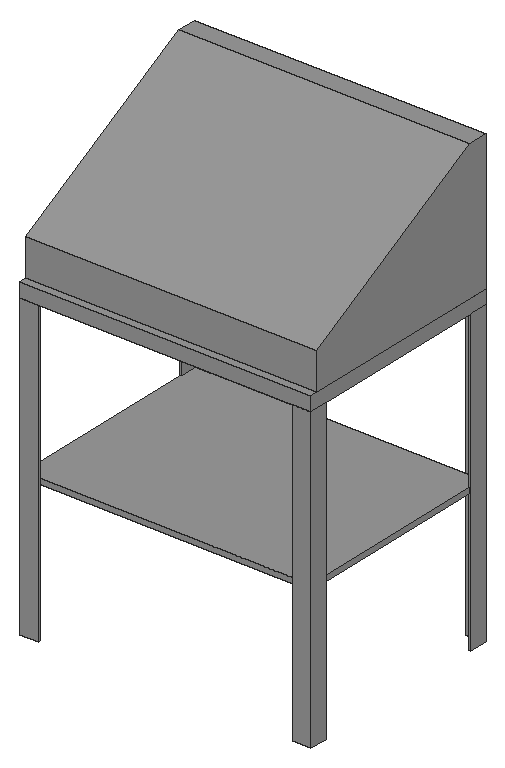
Revit family "AVLN_Камера бактерицидная напольная", category Мебель, Revit 2019
Family settings
  Номер OmniClass = 23.40.20.00
  Заголовок OmniClass = General Furniture and Specialties
  На основе рабочей плоскости = Нет
  Всегда вертикально = Да
  При загрузке вырезать с полостями = Нет
  Общий = Нет
  Точка расчета площади = Нет
Parameters (values of type "Камера бактерицидная")
  Description = ""
  М.основы = Металл, окрашенный, белый, матовый
  Type Comments = ""
  Keynote = ""
  Manufacturer = ""
  Группа модели = "Оборудование поликлиники"
  ADSK_Размер_Ширина = 600 mm
  ADSK_Размер_Длина = 800 mm
  ADSK_Размер_Высота = 1250 mm
  ADSK_Примечание [instance] = ""
  ADSK_Обозначение = ""
  ADSK_Наименование = "Камера бактерицидная напольная, 800х600х420. Э: U=220В, 50Гц, Р=350Вт"
  ADSK_Масса = 0
  ADSK_Марка = ""
  ADSK_Код изделия = ""
  ADSK_Единица измерения = "шт"  # constant formula
Reference planes
  plane 1 "По центру (Вперед/Назад)": y = 0
  plane 2: z = 0
  plane 3 "По центру (Влево/Вправо)": x = 0
  plane 4: z = 1250
  plane 5: y = 300
  plane 6: x = 400
  plane 7: x = -400
  plane 8: y = -300
  plane 9: y = -135
  plane 10 "Столешница": z = 830
Forms (mm)
  Extrusion 1, solid, material "Металл, окрашенный, белый, матовый" <- "М.основы"
    sketch origin (0, -518.993, 592.976) x (-1, 0, 0) y (0, -1, 0)
      loop
        line (400, -818.993) -> (400, -768.993) -> (395, -768.993) -> (395, -813.993) -> (350, -813.993) -> (350, -818.993) -> (400, -818.993)
      loop
        line (-400, -818.993) -> (-350, -818.993) -> (-350, -813.993) -> (-395, -813.993) -> (-395, -768.993) -> (-400, -768.993) -> (-400, -818.993)
      loop
        line (400, -218.993) -> (350, -218.993) -> (350, -223.993) -> (395, -223.993) -> (395, -268.993) -> (400, -268.993) -> (400, -218.993)
      loop
        line (-400, -218.993) -> (-400, -268.993) -> (-395, -268.993) -> (-395, -223.993) -> (-350, -223.993) -> (-350, -218.993) -> (-400, -218.993)
    from -592.976 to 237.024
  Extrusion 2, solid, material "Металл, окрашенный, белый, матовый" <- "М.основы"
    sketch origin (0, -518.993, 385) x (-1, 0, 0) y (0, -1, 0)
      loop
        line (395, -813.993) -> (395, -223.993) -> (-395, -223.993) -> (-395, -813.993) -> (395, -813.993)
    from 0 to 15
  Extrusion 3, solid, material "Металл, окрашенный, белый, матовый" <- "М.основы"
    sketch origin (0, -518.993, 592.976) x (-1, 0, 0) y (0, -1, 0)
      loop
        line (400, -818.993) -> (400, -218.993) -> (-400, -218.993) -> (-400, -818.993) -> (400, -818.993)
    from 237.024 to 277.024
  Extrusion 4, solid, material "Металл, окрашенный, белый, матовый" <- "М.основы"
    sketch origin (0, 0, 0) x (0, 1, 0) y (0, 0, 1)
      loop
        line (300, 1250) -> (245, 1250) -> (-280, 970) -> (-280, 870) -> (300, 870) -> (300, 1250)
    from -400 to 400
Dimensions and locks
  plane 2 to plane 4 = 1250 mm
  equal spacing: plane 8, plane 1 "По центру (Вперед/Назад)", plane 5
  equal spacing: plane 7, plane 3 "По центру (Влево/Вправо)", plane 6
  "ADSK_Размер_Длина": plane 7 to plane 6
  "ADSK_Размер_Ширина": plane 5 to plane 8
  "ADSK_Размер_Высота": plane 2 to plane 4
  plane 9 to plane 8 = 165 mm
  plane 5 to plane 9 to plane 8 = 435 mm, 165 mm
  plane 2 to plane 10 "Столешница" = 830 mm
  locked: Extrusion 1 sketch curve to Extrusion 1 sketch curve at 5  (x8)
  locked: Extrusion 1 sketch curve to Extrusion 1 sketch curve at 50  (x8)
  locked: plane 2 to Extrusion 2 at 400
  locked: Extrusion 2 to Extrusion 2 at 15
  locked: plane 10 "Столешница" to Extrusion 3 at 40
  locked: Extrusion 4 sketch curve to plane 8 at 20
  locked: plane 5 to Extrusion 4 sketch curve at 55
  locked: Extrusion 4 sketch curve to Extrusion 3 at 100
  aligned and locked: level to plane 2
  aligned and locked: Extrusion 1 sketch curve to plane 5  (x2)
  aligned and locked: plane 7 to Extrusion 1 sketch curve  (x2)
  aligned and locked: plane 6 to Extrusion 1 sketch curve  (x2)
  aligned and locked: Extrusion 1 sketch curve to plane 8  (x2)
  aligned and locked: plane 10 "Столешница" to Extrusion 1
  aligned and locked: Extrusion 1 to plane 2
  aligned and locked: Extrusion 2 sketch curve to Extrusion 1  (x4)
  aligned and locked: Extrusion 3 sketch curve to plane 5
  aligned and locked: Extrusion 3 sketch curve to plane 7
  aligned and locked: Extrusion 3 sketch curve to plane 8
  aligned and locked: Extrusion 3 sketch curve to plane 6
  aligned and locked: Extrusion 3 to plane 10 "Столешница"
  aligned and locked: Extrusion 4 sketch curve to plane 5
  aligned and locked: Extrusion 3 to Extrusion 4 sketch curve
  aligned and locked: plane 4 to Extrusion 4 sketch curve
  aligned and locked: plane 6 to Extrusion 4
  aligned and locked: Extrusion 4 to plane 7
